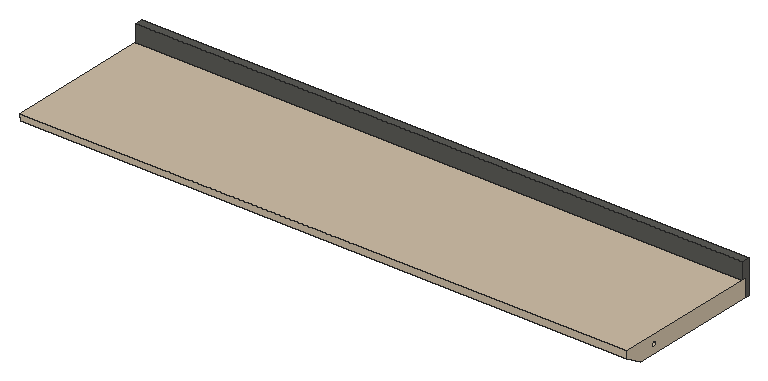
Revit family "Accesories-Teknion-CEAWS-Wall_Mounted_Shelf-Expansion_Casework+-R2023", category Furniture, Revit 2023
Family settings
  OmniClass Number = 23.40.20.00
  OmniClass Title = General Furniture and Specialties
  Work Plane-Based = No
  Enable Cutting in Views = No
  Always vertical = Yes
  Cut with Voids When Loaded = No
  Render Appearance Source = Family Geometry
  Shared = Yes
  Room Calculation Point = No
Parameters (values of type "(R) Alignment Holes - Right")
  Width [instance] = 36.000"
  Warranty = "http://www.teknion.com/ca/papers/legal-canada"
  R = yes
  L = no
  Edge Detail [instance] = "NOTE: For (V) - Shelf Finish - Flintwood (NOT AVAILABLE)"  # constant formula
  (V) Knife Edge [instance] = yes
  Unit Weight URL = "http://www.teknion.com/ca/tools/assets#&asset=bee6a381-b954-425e-8283-5a2de3a804f2,f828d448-4b62-4231-9e5f-9a8991c0ed77"
  URL = "www.teknion.com"
  To render please download texture images found here [instance] = "https://assets.teknion.com/web/5e81352c1dfdb467/revit-material-swatches/"
  Sustainability Data = "https://www.teknion.com/ca/tools/assets#&topic=216f99a5-57a0-44fc-b10a-9dee9b29ae4c&asset=444deb64-fe58-4b68-981e-f75e97781df7,b4ff2d81-9f2e-437d-9659-7cffb09c31cf"
  Shelf Hardware Finish [instance] = Paint - Teknion - Foundation - Ebony
  Shelf Finish [instance] = Foundation Laminate-Teknion-4L-Baltic_Ply
  Series = "Accesories"  # constant formula
  Product Page URL = "https://www.teknion.com/ca/products/product-details?productLineId=30ca1270-8e7a-673b-a6c8-ff05004460c4"
  Product Line = "Exapnsion Casework +"  # constant formula
  Product Documentation Link = "http://www.teknion.com/pricingguides/Casework/pdfs/CEAWS_ppg.pdf"
  Part Number = "CEAWS"  # constant formula
  Model = "CEAWS_R"
  Manufacturer Phone = "416-661-3370"  # constant formula
  Manufacturer Fax = "416.661.4586"  # constant formula
  Manufacturer Contact Information = "http://www.teknion.com/ca/contactus"
  Manufacturer Address = "1150 Flint Road, Toronto, ON. M3J 2J5. Canada"  # constant formula
  Manufacturer = "Teknion"  # constant formula
  How To Use Teknion Materials User Guide [instance] = "https://assets.teknion.com/m/205dd0a49fa58060/original/How-to-add-a-Material-Library-and-Texture-Images-to-your-Revit-project.pdf"
  Height = 56.000"
  For Additional Finishes please visit [instance] = "https://assets.teknion.com/m/44a8009b046e5d47/original/Teknion_Materials_Library.zip"
  Description = "Wall Mounted Shelf"  # constant formula
  Depth = 9.000"
  Default Elevation = 0.000"
  Available Width [instance] = "36, 39, 42, 45, 48, 51, 54, 57, 60, 63, 66, 69, 72, 75, 78, 81, 84, 87 & 90 Inches"  # constant formula
  Assembly Code = "E2020200"
Types (5): name | Width | R | L | Shelf Hardware Finish | Shelf Finish | Model
  (no name) | 36.000" | yes | no | Paint - Teknion - Foundation - Ebony | Foundation Laminate-Teknion-4L-Baltic_Ply | "CEAWS_R"
  (B) Alignment Holes - Both Sides | 90.000" | yes | yes | Paint - Teknion - Foundation - Sand | Grade 2 Laminate - Teknion - W5 - Fossil Matte | "CEAWS_B"
  (L) Alignment Holes - Left | 90.000" | no | yes | Paint - Teknion - Mica - Sepia Bronze | Source Laminate - Teknion - 3E - Estate Cherry | "CEAWS_L"
  (R) Alignment Holes - Right | 36.000" | yes | no | Paint - Teknion - Foundation - Ebony | Foundation Laminate-Teknion-4L-Baltic_Ply | "CEAWS_R"
  (N) No Alignment Holes | 54.000" | no | no | Paint-Accent-Teknion-DD-Dusty_Lilac | Foundation Laminate - Teknion - XG - Very White | "CEAWS_N"
Reference planes (in)
  plane 1 "Center Front/Back": y = 0
  plane 2: z = 0
  plane 3 "Center Left/Right": x = 0
  plane 4 "Left": x = -18
  plane 5 "Right": x = 18
  plane 6 "Back": y = 4.5
  plane 7 "Front": y = -4.5
  plane 8 "Top": z = 56
Forms (in)
  Sweep 1, solid, material "Foundation Laminate-Teknion-4L-Baltic_Ply" <- "Shelf Finish"
    path origin (0, 0, 0) x (1, 0, 0) y (0, 0, 1)
      loop
        line (0, 55) -> (0, 54)
    profile origin (0, 0, 54.5) x (0, -1, 0) y (1, 0, 0)
      loop
        line (-4.25, -18) -> (4.5, -18) -> (4.5, 18) -> (-4.25, 18) -> (-4.25, -18)
  Sweep 2, solid, material "Paint - Teknion - Foundation - Ebony" <- "Shelf Hardware Finish"
    path origin (0, 0, 0) x (1, 0, 0) y (0, 1, 0)
      loop
        line (-18, 0) -> (18, 0)
    profile origin (0, 0, 0) x (0, 1, 0) y (0, 0, 1)
      loop
        line (4.5, 56) -> (4.07874, 56) -> (4.07874, 55) -> (4.25, 55) -> (4.25, 54) -> (4.5, 54) -> (4.5, 56)
  Sweep 3, void
    path origin (0, 0, 0) x (1, 0, 0) y (0, 1, 0)
      loop
        line (-18, 0) -> (18, 0)
    profile origin (0, 0, 0) x (0, 1, 0) y (0, 0, 1)
      loop
        line (-4.5, 54.59643) -> (-4.5, 54) -> (-3.46694, 54) -> (-4.5, 54.59643)
  Sweep 4, void
    path origin (0, 0, 0) x (1, 0, 0) y (0, 1, 0)
      loop
        line (18, 0) -> (17.09449, 0)
    profile origin (17.54724, 0, 0) x (0, -1, 0) y (0, 0, 1)
      loop
        circle (2.50036, 54.50011) r 0.16
  Sweep 5, void
    path origin (0, 0, 0) x (-1, 0, 0) y (0, -1, 0)
      loop
        line (18, 0) -> (17.09449, 0)
    profile origin (-17.54724, 0, 0) x (0, 1, 0) y (0, 0, 1)
      loop
        circle (-2.50036, 54.50011) r 0.16
Cuts and joins
  Sweep 3, Sweep 4, Sweep 5 cuts Sweep 1
Lines and regions (in)
  Masking region 1
    outline origin (0, 0, 0) x (1, 0, 0) y (0, 1, 0)
      loop
        line (-18, 4.5) -> (-18, -4.5) -> (18, -4.5) -> (18, 4.5) -> (-18, 4.5)
  symbolic lines, style "Furniture"
    curve 1: line (-18, 4.25, 0) -> (18, 4.25, 0)
  symbolic lines, style "FurnitureHiddenLines"
    curve 2: line (-18, 4.07874, 0) -> (18, 4.07874, 0)
  symbolic lines, style "FurnitureHiddenLines", visible <- "(V) Knife Edge"
    curve 3: line (-18, -3.46694, 0) -> (18, -3.46694, 0)
  reference lines
    curve 4: line (-18, 4.5, 0) -> (-18, -4.5, 0)
    curve 5: line (-18, -4.5, 0) -> (18, -4.5, 0)
    curve 6: line (18, -4.5, 0) -> (18, 4.5, 0)
    curve 7: line (18, 4.5, 0) -> (-18, 4.5, 0)
Dimensions and locks (in)
  "Width": plane 4 "Left" to plane 5 "Right"
  "Depth": plane 6 "Back" to plane 7 "Front"
  "Height": plane 8 "Top" to level
  equal spacing: plane 4 "Left", plane 3 "Center Left/Right", plane 5 "Right"
  equal spacing: plane 6 "Back", plane 1 "Center Front/Back", plane 7 "Front"
  plane 8 "Top" to Sweep 1 sketch curve to Sweep 1 sketch curve = 1.000" locked, 1.000" locked
  locked: plane 6 "Back" to Sweep 1 sketch curve at 0.25
  plane 8 "Top" to Sweep 2 sketch curve to Sweep 2 sketch curve = 1.000" locked, 1.000" locked
  plane 6 "Back" to Sweep 1 to Sweep 2 sketch curve = 0.250" locked, 0.17126" locked
  locked: plane 8 "Top" to Sweep 3 sketch curve at 2
  locked: Sweep 3 sketch curve to plane 7 "Front" at 1.03306
  locked: plane 4 "Left" to Sweep 5 sketch curve at 0.90551
  locked: Sweep 4 sketch curve to plane 5 "Right" at 0.90551
  aligned and locked: level to plane 2
  aligned and locked: Sweep 1 sketch curve to plane 3 "Center Left/Right"
  aligned and locked: Sweep 1 sketch curve to plane 4 "Left"
  aligned and locked: Sweep 1 sketch curve to plane 7 "Front"
  aligned and locked: plane 5 "Right" to Sweep 1 sketch curve
  aligned and locked: plane 1 "Center Front/Back" to Sweep 2 sketch curve
  aligned and locked: plane 4 "Left" to Sweep 2 sketch curve
  aligned and locked: plane 5 "Right" to Sweep 2 sketch curve
  aligned and locked: Sweep 2 sketch curve to plane 6 "Back"
  aligned and locked: Sweep 2 sketch curve to plane 8 "Top"
  aligned and locked: plane 1 "Center Front/Back" to Sweep 3 sketch curve
  aligned and locked: plane 4 "Left" to Sweep 3 sketch curve
  aligned and locked: plane 5 "Right" to Sweep 3 sketch curve
  aligned and locked: plane 7 "Front" to Sweep 3 sketch curve
  aligned and locked: Sweep 3 sketch curve to Sweep 3 sketch curve
  aligned and locked: Sweep 4 sketch curve to plane 1 "Center Front/Back"
  aligned and locked: plane 5 "Right" to Sweep 4 sketch curve
  aligned and locked: plane 1 "Center Front/Back" to Sweep 5 sketch curve
  aligned and locked: plane 4 "Left" to Sweep 5 sketch curve
  aligned and locked: Masking region 1 sketch curve to cut or joined group of Sweep 1, Sweep 3, Sweep 4, Sweep 5  (x3)
  aligned and locked: plane 6 "Back" to Masking region 1 sketch curve
  aligned and locked: curve 1 to Sweep 2
  aligned and locked: curve 2 to Sweep 2
  aligned and locked: curve 3 to cut or joined group of Sweep 1, Sweep 3, Sweep 4, Sweep 5
  aligned and locked: plane 4 "Left" to curve 3
  aligned and locked: plane 5 "Right" to curve 3
  aligned and locked: plane 4 "Left" to curve 1
  aligned and locked: plane 4 "Left" to curve 2
  aligned and locked: plane 5 "Right" to curve 1
  aligned and locked: plane 5 "Right" to curve 2
  aligned and locked: curve 4 to Masking region 1
  aligned and locked: curve 5 to Masking region 1
  aligned and locked: curve 6 to Masking region 1
  aligned and locked: curve 7 to Masking region 1
  aligned and locked: plane 4 "Left" to nested 1
  aligned and locked: nested 1 to plane 6 "Back"
  aligned and locked: nested 2 to plane 6 "Back"
  aligned and locked: nested 2 to plane 5 "Right"
Automatic sketch dimensions
  Sweep 2 sketch curve to Sweep 2 sketch curve = 0.17126"
  Sweep 3 sketch curve to Sweep 3 sketch curve = 0.59643"
  Sweep 4 sketch curve to profile plane = 2.50036"
  level to Sweep 4 sketch curve = 54.50011"
  profile plane to Sweep 5 sketch curve = 2.50036"
  level to Sweep 5 sketch curve = 54.50011"
  curve 4 to plane 4 "Left" = 0.000"
  curve 6 to plane 5 "Right" = 0.000"
  curve 4 to plane 7 "Front" = 0.000"
  curve 6 to plane 6 "Back" = 0.000"
  radius of Sweep 4 sketch curve = 0.160"
  radius of Sweep 5 sketch curve = 0.160"
Nested families (in)
  nested 1: "Teknion_2D_Node_Family-R2021" at (-18, 4.5, 0), type "Teknion_2D_Node_Family-R2021"
  nested 2: "Teknion_2D_Node_Family-R2021" at (18, 4.5, 0), type "Teknion_2D_Node_Family-R2021"
Definition of nested family "Teknion_2D_Node_Family-R2021"
  Reference planes (in)
    plane 1 "Center (Front/Back)": y = 0
    plane 2: z = 0
    plane 3 "Center (Left/Right)": x = 0
  Lines and regions (in)
    detail lines, in view "Ref. Level"
      curve 1: circle (0, 0, 0) r 1.25 normal (0, 0, 1)
      curve 2: line (1.91508, -1.91508, 0) -> (-1.91508, 1.91508, 0)
      curve 3: line (-1.91508, -1.91508, 0) -> (1.91508, 1.91508, 0)
